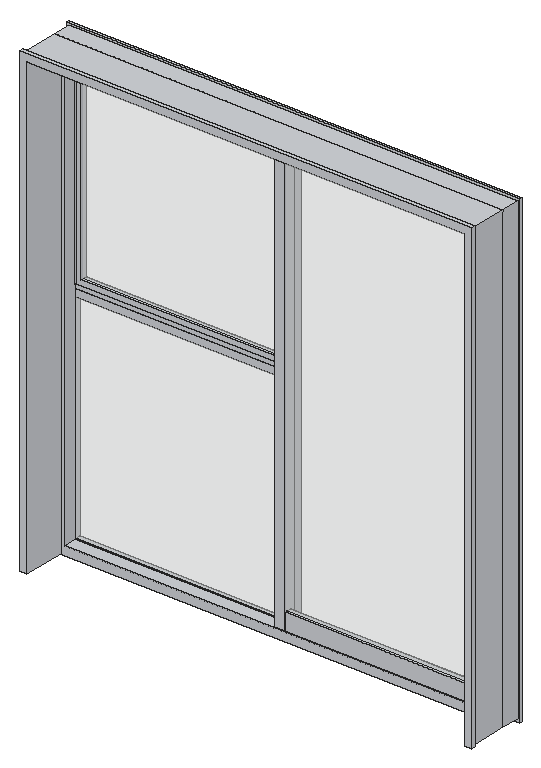
Revit family "APL Residential Thermal Heart Sliding Door SF with Sidelight", category Doors, host Wall, Revit 2017 (continued)
Definition of nested family "APL Residential Thermal Heart Sliding Door SF with Sidelight Vertical Section"
  Definition of nested family "Sill Fixed Sidelight"
    Definition of nested family "65380_Frame Sill"
      Lines and regions (mm)
        detail lines, in view "Ref. Level"
          curve 409: arc (110.5, 35.35, 0) -> (111, 35.85, 0) -> (111.5, 35.35, 0) r 0.5
          curve 410: arc (111.5, 34.5, 0) -> (111.559, 34.359, 0) -> (111.7, 34.3, 0) r 0.2
          curve 411: arc (113.3, 34.3, 0) -> (113.441, 34.359, 0) -> (113.5, 34.5, 0) r 0.2
          curve 412: line (113.3, 36.05, 0) -> (113.3, 40.25, 0)
          curve 413: line (113.5, 40.597, 0) -> (113.5, 41.8, 0)
          curve 414: line (113.3, 42, 0) -> (111.701, 42, 0)
          curve 415: line (111.5, 41.8, 0) -> (111.5, 40.95, 0)
          curve 416: line (110.5, 40.95, 0) -> (110.5, 42.5, 0)
          curve 417: line (111, 43, 0) -> (114.5, 43, 0)
          curve 418: line (115, 42.5, 0) -> (115, 21.5, 0)
          curve 419: line (114.5, 21, 0) -> (111.7, 21, 0)
          curve 420: line (111.5, 20.8, 0) -> (111.5, 13.2, 0)
          curve 421: line (109.293, 7.1, 0) -> (109.5, 7.1, 0)
          curve 422: line (111.5, 5.1, 0) -> (111.5, 1.5, 0)
          curve 423: line (111.5, 1.5, 0) -> (120.75, 1.5, 0)
          curve 424: line (120.745, 0, 0) -> (119, 0, 0)
          curve 425: line (119, 0, 0) -> (118.6, 0.4, 0)
          curve 426: line (118.6, 0.4, 0) -> (112.3, 0.4, 0)
          curve 427: line (112.3, 0.4, 0) -> (111.9, 0, 0)
          curve 428: line (111.9, 0, 0) -> (111.5, 0, 0)
          curve 429: line (110, 1.5, 0) -> (110, 5, 0)
          curve 430: line (109.8, 5.2, 0) -> (100.5, 5.2, 0)
          curve 431: line (100, 5.7, 0) -> (100, 6.2, 0)
          curve 432: line (100.5, 6.7, 0) -> (101.927, 6.7, 0)
          curve 433: line (100.048, 12.1, 0) -> (91.556, 12.1, 0)
          curve 434: line (89.2, 10.6, 0) -> (87.9, 10.6, 0)
          curve 435: line (86.9, 9.6, 0) -> (86.9, 0.5, 0)
          curve 436: line (86.4, 0, 0) -> (84.083, 0, 0)
          curve 437: line (83.313, -0.268, 0) -> (81.903, -0.782, 0)
          curve 438: line (81.501, -0.474, 0) -> (81.708, 1.892, 0)
          curve 439: line (81.795, 2.078, 0) -> (82.159, 2.442, 0)
          curve 440: line (82.493, 2.352, 0) -> (82.538, 2.185, 0)
          curve 441: line (82.679, 2.043, 0) -> (84.668, 1.51, 0)
          curve 442: line (85, 2.247, 0) -> (85, 5.475, 0)
          curve 443: line (85, 5.5, 0) -> (85.194, 6.25, 0)
          curve 444: line (85, 6.5, 0) -> (84.479, 6.5, 0)
          curve 445: line (84.323, 6.456, 0) -> (83.069, 5.691, 0)
          curve 446: line (82.5, 5.55, 0) -> (82.5, 7.126, 0)
          curve 447: line (82.5, 8.875, 0) -> (82.5, 10.45, 0)
          curve 448: line (83.069, 10.309, 0) -> (84.323, 9.544, 0)
          curve 449: line (84.479, 9.5, 0) -> (85, 9.5, 0)
          curve 450: line (85.194, 9.75, 0) -> (85, 10.5, 0)
          curve 451: line (85, 10.526, 0) -> (85, 13.753, 0)
          curve 452: line (84.668, 14.49, 0) -> (82.679, 13.957, 0)
          curve 453: line (82.538, 13.816, 0) -> (82.493, 13.648, 0)
          curve 454: line (82.159, 13.559, 0) -> (81.795, 13.923, 0)
          curve 455: line (81.708, 14.109, 0) -> (81.501, 16.474, 0)
          curve 456: line (81.903, 16.782, 0) -> (83.313, 16.269, 0)
          curve 457: line (84.083, 16, 0) -> (86.7, 16, 0)
          curve 458: line (86.9, 15.8, 0) -> (86.9, 12.7, 0)
          curve 459: line (87.1, 12.5, 0) -> (89.2, 12.5, 0)
          curve 460: line (89.4, 12.7, 0) -> (89.4, 13.8, 0)
          curve 461: line (89.6, 14, 0) -> (95.4, 14, 0)
          curve 462: line (95.4, 14, 0) -> (95.8, 13.6, 0)
          curve 463: line (95.8, 13.6, 0) -> (96.2, 14, 0)
          curve 464: line (96.2, 14, 0) -> (101.9, 14, 0)
          curve 465: line (102.1, 13.8, 0) -> (102.1, 12.9, 0)
          curve 466: line (102.3, 12.7, 0) -> (109.1, 12.7, 0)
          curve 467: line (109.6, 13.2, 0) -> (109.6, 14.5, 0)
          curve 468: line (109.4, 14.7, 0) -> (107.3, 14.7, 0)
          curve 469: line (107.1, 14.9, 0) -> (107.1, 15.8, 0)
          curve 470: line (107.3, 16, 0) -> (109.5, 16, 0)
          curve 471: line (110, 16.5, 0) -> (110, 22.8, 0)
          curve 472: line (110.5, 23.3, 0) -> (111.3, 23.3, 0)
          curve 473: line (111.5, 23.1, 0) -> (111.5, 22.3, 0)
          curve 474: line (111.5, 22.3, 0) -> (113.3, 22.3, 0)
          curve 475: line (113.5, 22.5, 0) -> (113.5, 27.4, 0)
          curve 476: line (113.5, 28.2, 0) -> (113.5, 33.1, 0)
          curve 477: line (113.3, 33.3, 0) -> (111.5, 33.3, 0)
          curve 478: line (111.5, 33.3, 0) -> (111.5, 32.7, 0)
          curve 479: line (110.5, 32.8, 0) -> (110.5, 35.35, 0)
          curve 480: line (111.5, 35.35, 0) -> (111.5, 34.5, 0)
          curve 481: line (111.7, 34.3, 0) -> (113.3, 34.3, 0)
          curve 482: line (113.5, 34.5, 0) -> (113.5, 35.704, 0)
          curve 483: arc (113.5, 35.704, 0) -> (113.473, 35.804, 0) -> (113.4, 35.877, 0) r 0.2
          curve 484: arc (12.7, 2.2, 0) -> (12.817, 1.917, 0) -> (13.1, 1.8, 0) r 0.4
          curve 485: arc (13.393, 1.8, 0) -> (13.496, 1.814, 0) -> (13.593, 1.854, 0) r 0.4
          curve 486: arc (15.121, 2.739, 0) -> (15.411, 2.859, 0) -> (15.722, 2.9, 0) r 1.2
          curve 487: arc (16.645, 2.9, 0) -> (17.218, 3.081, 0) -> (17.584, 3.558, 0) r 1
          curve 488: arc (18.377, 5.737, 0) -> (18.524, 5.928, 0) -> (18.753, 6, 0) r 0.4
          curve 489: arc (21.447, 6, 0) -> (21.676, 5.928, 0) -> (21.823, 5.737, 0) r 0.4
          curve 490: arc (22.616, 3.558, 0) -> (22.982, 3.081, 0) -> (23.555, 2.9, 0) r 1
          curve 491: arc (24.478, 2.9, 0) -> (24.789, 2.859, 0) -> (25.079, 2.739, 0) r 1.2
          curve 492: arc (26.607, 1.854, 0) -> (26.704, 1.814, 0) -> (26.807, 1.8, 0) r 0.4
          curve 493: arc (27.1, 1.8, 0) -> (27.383, 1.917, 0) -> (27.5, 2.2, 0) r 0.4
          curve 494: arc (27.5, 5.6, 0) -> (27.383, 5.883, 0) -> (27.1, 6, 0) r 0.4
          curve 495: arc (26.807, 6, 0) -> (26.704, 5.987, 0) -> (26.607, 5.946, 0) r 0.4
          curve 496: arc (25.079, 5.062, 0) -> (24.785, 4.94, 0) -> (24.47, 4.9, 0) r 1.2
          curve 497: arc (24.47, 4.9, 0) -> (24.295, 4.953, 0) -> (24.184, 5.098, 0) r 0.3
          curve 498: arc (23.296, 7.537, 0) -> (23.149, 7.728, 0) -> (22.92, 7.8, 0) r 0.4
          curve 499: arc (17.28, 7.8, 0) -> (17.051, 7.728, 0) -> (16.904, 7.537, 0) r 0.4
          curve 500: arc (16.016, 5.098, 0) -> (15.905, 4.953, 0) -> (15.73, 4.9, 0) r 0.3
          curve 501: arc (15.73, 4.9, 0) -> (15.415, 4.94, 0) -> (15.121, 5.062, 0) r 1.2
          curve 502: arc (13.593, 5.946, 0) -> (13.496, 5.987, 0) -> (13.393, 6, 0) r 0.4
          curve 503: arc (13.1, 6, 0) -> (12.817, 5.883, 0) -> (12.7, 5.6, 0) r 0.4
          curve 504: line (13.1, 1.8, 0) -> (13.393, 1.8, 0)
          curve 505: line (13.593, 1.854, 0) -> (15.121, 2.739, 0)
          curve 506: line (15.722, 2.9, 0) -> (16.645, 2.9, 0)
          curve 507: line (17.584, 3.558, 0) -> (18.377, 5.737, 0)
          curve 508: line (18.753, 6, 0) -> (21.447, 6, 0)
          curve 509: line (21.823, 5.737, 0) -> (22.616, 3.558, 0)
          curve 510: line (23.555, 2.9, 0) -> (24.478, 2.9, 0)
          curve 511: line (25.079, 2.739, 0) -> (26.607, 1.854, 0)
          curve 512: line (26.807, 1.8, 0) -> (27.1, 1.8, 0)
          curve 513: line (27.5, 2.2, 0) -> (27.5, 5.6, 0)
          curve 514: line (27.1, 6, 0) -> (26.807, 6, 0)
          curve 515: line (26.607, 5.946, 0) -> (25.079, 5.062, 0)
          curve 516: line (24.184, 5.098, 0) -> (23.296, 7.537, 0)
          curve 517: line (22.92, 7.8, 0) -> (17.28, 7.8, 0)
          curve 518: line (16.904, 7.537, 0) -> (16.016, 5.098, 0)
          curve 519: line (15.121, 5.062, 0) -> (13.593, 5.946, 0)
          curve 520: line (13.393, 6, 0) -> (13.1, 6, 0)
          curve 521: line (12.7, 5.6, 0) -> (12.7, 2.2, 0)
          curve 522: arc (12.7, 18.4, 0) -> (12.817, 18.117, 0) -> (13.1, 18, 0) r 0.4
          curve 523: arc (13.393, 18, 0) -> (13.496, 18.014, 0) -> (13.593, 18.054, 0) r 0.4
          curve 524: arc (15.121, 18.939, 0) -> (15.411, 19.059, 0) -> (15.722, 19.1, 0) r 1.2
          curve 525: arc (16.645, 19.1, 0) -> (17.218, 19.281, 0) -> (17.584, 19.758, 0) r 1
          curve 526: arc (18.377, 21.937, 0) -> (18.524, 22.128, 0) -> (18.753, 22.2, 0) r 0.4
          curve 527: arc (21.447, 22.2, 0) -> (21.676, 22.128, 0) -> (21.823, 21.937, 0) r 0.4
          curve 528: arc (22.616, 19.758, 0) -> (22.982, 19.281, 0) -> (23.555, 19.1, 0) r 1
          curve 529: arc (24.478, 19.1, 0) -> (24.789, 19.059, 0) -> (25.079, 18.939, 0) r 1.2
          curve 530: arc (26.607, 18.054, 0) -> (26.704, 18.014, 0) -> (26.807, 18, 0) r 0.4
          curve 531: arc (27.1, 18, 0) -> (27.383, 18.117, 0) -> (27.5, 18.4, 0) r 0.4
          curve 532: arc (27.5, 21.8, 0) -> (27.383, 22.083, 0) -> (27.1, 22.2, 0) r 0.4
          curve 533: arc (26.807, 22.2, 0) -> (26.704, 22.187, 0) -> (26.607, 22.146, 0) r 0.4
          curve 534: arc (25.079, 21.262, 0) -> (24.785, 21.14, 0) -> (24.47, 21.1, 0) r 1.2
          curve 535: arc (24.47, 21.1, 0) -> (24.295, 21.153, 0) -> (24.184, 21.298, 0) r 0.3
          curve 536: arc (23.296, 23.737, 0) -> (23.149, 23.928, 0) -> (22.92, 24, 0) r 0.4
          curve 537: arc (17.28, 24, 0) -> (17.051, 23.928, 0) -> (16.904, 23.737, 0) r 0.4
          curve 538: arc (16.016, 21.298, 0) -> (15.905, 21.153, 0) -> (15.73, 21.1, 0) r 0.3
          curve 539: arc (15.73, 21.1, 0) -> (15.415, 21.14, 0) -> (15.121, 21.262, 0) r 1.2
          curve 540: arc (13.593, 22.146, 0) -> (13.496, 22.187, 0) -> (13.393, 22.2, 0) r 0.4
          curve 541: arc (13.1, 22.2, 0) -> (12.817, 22.083, 0) -> (12.7, 21.8, 0) r 0.4
          curve 542: line (13.1, 18, 0) -> (13.393, 18, 0)
          curve 543: line (13.593, 18.054, 0) -> (15.121, 18.939, 0)
          curve 544: line (15.722, 19.1, 0) -> (16.645, 19.1, 0)
          curve 545: line (17.584, 19.758, 0) -> (18.377, 21.937, 0)
          curve 546: line (18.753, 22.2, 0) -> (21.447, 22.2, 0)
          curve 547: line (21.823, 21.937, 0) -> (22.616, 19.758, 0)
          curve 548: line (23.555, 19.1, 0) -> (24.478, 19.1, 0)
          curve 549: line (25.079, 18.939, 0) -> (26.607, 18.054, 0)
          curve 550: line (26.807, 18, 0) -> (27.1, 18, 0)
          curve 551: line (27.5, 18.4, 0) -> (27.5, 21.8, 0)
          curve 552: line (27.1, 22.2, 0) -> (26.807, 22.2, 0)
          curve 553: line (26.607, 22.146, 0) -> (25.079, 21.262, 0)
          curve 554: line (24.184, 21.298, 0) -> (23.296, 23.737, 0)
          curve 555: line (22.92, 24, 0) -> (17.28, 24, 0)
          curve 556: line (16.904, 23.737, 0) -> (16.016, 21.298, 0)
          curve 557: line (15.121, 21.262, 0) -> (13.593, 22.146, 0)
          curve 558: line (13.393, 22.2, 0) -> (13.1, 22.2, 0)
          curve 559: line (12.7, 21.8, 0) -> (12.7, 18.4, 0)
          curve 560: arc (70.2, 10.4, 0) -> (70.317, 10.117, 0) -> (70.6, 10, 0) r 0.4
          curve 561: arc (70.893, 10, 0) -> (70.996, 10.014, 0) -> (71.093, 10.054, 0) r 0.4
          curve 562: arc (72.621, 10.939, 0) -> (72.911, 11.059, 0) -> (73.222, 11.1, 0) r 1.2
          curve 563: arc (74.145, 11.1, 0) -> (74.718, 11.281, 0) -> (75.084, 11.758, 0) r 1
          curve 564: arc (75.877, 13.937, 0) -> (76.024, 14.128, 0) -> (76.253, 14.2, 0) r 0.4
          curve 565: arc (78.947, 14.2, 0) -> (79.176, 14.128, 0) -> (79.323, 13.937, 0) r 0.4
          curve 566: arc (80.116, 11.758, 0) -> (80.482, 11.281, 0) -> (81.055, 11.1, 0) r 1
          curve 567: arc (81.978, 11.1, 0) -> (82.289, 11.059, 0) -> (82.579, 10.939, 0) r 1.2
          curve 568: arc (84.107, 10.054, 0) -> (84.204, 10.014, 0) -> (84.307, 10, 0) r 0.4
          curve 569: arc (84.6, 10, 0) -> (84.883, 10.117, 0) -> (85, 10.4, 0) r 0.4
          curve 570: arc (85, 13.8, 0) -> (84.883, 14.083, 0) -> (84.6, 14.2, 0) r 0.4
          curve 571: arc (84.307, 14.2, 0) -> (84.204, 14.187, 0) -> (84.107, 14.146, 0) r 0.4
          curve 572: arc (82.579, 13.262, 0) -> (82.285, 13.14, 0) -> (81.97, 13.1, 0) r 1.2
          curve 573: arc (81.97, 13.1, 0) -> (81.795, 13.153, 0) -> (81.684, 13.298, 0) r 0.3
          curve 574: arc (80.796, 15.737, 0) -> (80.649, 15.928, 0) -> (80.42, 16, 0) r 0.4
          curve 575: arc (74.78, 16, 0) -> (74.551, 15.928, 0) -> (74.404, 15.737, 0) r 0.4
          curve 576: arc (73.516, 13.298, 0) -> (73.405, 13.153, 0) -> (73.23, 13.1, 0) r 0.3
          curve 577: arc (73.23, 13.1, 0) -> (72.915, 13.14, 0) -> (72.621, 13.262, 0) r 1.2
          curve 578: arc (71.093, 14.146, 0) -> (70.996, 14.187, 0) -> (70.893, 14.2, 0) r 0.4
          curve 579: arc (70.6, 14.2, 0) -> (70.317, 14.083, 0) -> (70.2, 13.8, 0) r 0.4
          curve 580: line (70.6, 10, 0) -> (70.893, 10, 0)
          curve 581: line (71.093, 10.054, 0) -> (72.621, 10.939, 0)
          curve 582: line (73.222, 11.1, 0) -> (74.145, 11.1, 0)
          curve 583: line (75.084, 11.758, 0) -> (75.877, 13.937, 0)
          curve 584: line (76.253, 14.2, 0) -> (78.947, 14.2, 0)
          curve 585: line (79.323, 13.937, 0) -> (80.116, 11.758, 0)
          curve 586: line (81.055, 11.1, 0) -> (81.978, 11.1, 0)
          curve 587: line (82.579, 10.939, 0) -> (84.107, 10.054, 0)
          curve 588: line (84.307, 10, 0) -> (84.6, 10, 0)
          curve 589: line (85, 10.4, 0) -> (85, 13.8, 0)
          curve 590: line (84.6, 14.2, 0) -> (84.307, 14.2, 0)
          curve 591: line (84.107, 14.146, 0) -> (82.579, 13.262, 0)
          curve 592: line (81.684, 13.298, 0) -> (80.796, 15.737, 0)
          curve 593: line (80.42, 16, 0) -> (74.78, 16, 0)
          curve 594: line (74.404, 15.737, 0) -> (73.516, 13.298, 0)
          curve 595: line (72.621, 13.262, 0) -> (71.093, 14.146, 0)
          curve 596: line (70.893, 14.2, 0) -> (70.6, 14.2, 0)
          curve 597: line (70.2, 13.8, 0) -> (70.2, 10.4, 0)
          curve 598: arc (70.2, 5.6, 0) -> (70.317, 5.883, 0) -> (70.6, 6, 0) r 0.4
          curve 599: arc (70.893, 6, 0) -> (70.996, 5.987, 0) -> (71.093, 5.946, 0) r 0.4
          curve 600: arc (72.621, 5.062, 0) -> (72.911, 4.941, 0) -> (73.222, 4.9, 0) r 1.2
          curve 601: arc (74.145, 4.9, 0) -> (74.718, 4.719, 0) -> (75.084, 4.242, 0) r 1
          curve 602: arc (75.877, 2.063, 0) -> (76.024, 1.873, 0) -> (76.253, 1.8, 0) r 0.4
          curve 603: arc (78.947, 1.8, 0) -> (79.176, 1.873, 0) -> (79.323, 2.063, 0) r 0.4
          curve 604: arc (80.116, 4.242, 0) -> (80.482, 4.719, 0) -> (81.055, 4.9, 0) r 1
          curve 605: arc (81.978, 4.9, 0) -> (82.289, 4.941, 0) -> (82.579, 5.062, 0) r 1.2
          curve 606: arc (84.107, 5.946, 0) -> (84.204, 5.987, 0) -> (84.307, 6, 0) r 0.4
          curve 607: arc (84.6, 6, 0) -> (84.883, 5.883, 0) -> (85, 5.6, 0) r 0.4
          curve 608: arc (85, 2.2, 0) -> (84.883, 1.917, 0) -> (84.6, 1.8, 0) r 0.4
          curve 609: arc (84.307, 1.8, 0) -> (84.204, 1.814, 0) -> (84.107, 1.854, 0) r 0.4
          curve 610: arc (82.579, 2.739, 0) -> (82.285, 2.86, 0) -> (81.97, 2.9, 0) r 1.2
          curve 611: arc (81.97, 2.9, 0) -> (81.795, 2.847, 0) -> (81.684, 2.703, 0) r 0.3
          curve 612: arc (80.796, 0.263, 0) -> (80.649, 0.073, 0) -> (80.42, 0, 0) r 0.4
          curve 613: arc (74.78, 0, 0) -> (74.551, 0.073, 0) -> (74.404, 0.263, 0) r 0.4
          curve 614: arc (73.516, 2.703, 0) -> (73.405, 2.847, 0) -> (73.23, 2.9, 0) r 0.3
          curve 615: arc (73.23, 2.9, 0) -> (72.915, 2.86, 0) -> (72.621, 2.739, 0) r 1.2
          curve 616: arc (71.093, 1.854, 0) -> (70.996, 1.814, 0) -> (70.893, 1.8, 0) r 0.4
          curve 617: arc (70.6, 1.8, 0) -> (70.317, 1.917, 0) -> (70.2, 2.2, 0) r 0.4
          curve 618: line (70.6, 6, 0) -> (70.893, 6, 0)
          curve 619: line (71.093, 5.946, 0) -> (72.621, 5.062, 0)
          curve 620: line (73.222, 4.9, 0) -> (74.145, 4.9, 0)
          curve 621: line (75.084, 4.242, 0) -> (75.877, 2.063, 0)
          curve 622: line (76.253, 1.8, 0) -> (78.947, 1.8, 0)
          curve 623: line (79.323, 2.063, 0) -> (80.116, 4.242, 0)
          curve 624: line (81.055, 4.9, 0) -> (81.978, 4.9, 0)
          curve 625: line (82.579, 5.062, 0) -> (84.107, 5.946, 0)
          curve 626: line (84.307, 6, 0) -> (84.6, 6, 0)
          curve 627: line (85, 5.6, 0) -> (85, 2.2, 0)
          curve 628: line (84.6, 1.8, 0) -> (84.307, 1.8, 0)
          curve 629: line (84.107, 1.854, 0) -> (82.579, 2.739, 0)
          curve 630: line (81.684, 2.703, 0) -> (80.796, 0.263, 0)
          curve 631: line (80.42, 0, 0) -> (74.78, 0, 0)
          curve 632: line (74.404, 0.263, 0) -> (73.516, 2.703, 0)
          curve 633: line (72.621, 2.739, 0) -> (71.093, 1.854, 0)
          curve 634: line (70.893, 1.8, 0) -> (70.6, 1.8, 0)
          curve 635: line (70.2, 2.2, 0) -> (70.2, 5.6, 0)
          curve 636: line (106.85, 34.861, 0) -> (112.6, 36.402, 0)
          curve 637: line (111.139, 36.01, 0) -> (106.85, 36.01, 0)
          curve 638: line (112.6, 36.85, 0) -> (106.85, 36.85, 0)
          curve 639: line (112.6, 37.69, 0) -> (106.85, 37.69, 0)
          curve 640: line (112.6, 38.61, 0) -> (106.85, 38.61, 0)
          curve 641: line (112.6, 39.45, 0) -> (106.85, 39.45, 0)
          curve 642: line (111.139, 40.29, 0) -> (106.85, 40.29, 0)
          curve 643: line (112.6, 39.899, 0) -> (106.85, 41.439, 0)
          curve 644: line (112.85, 34.7, 0) -> (112.85, 41.6, 0)
          curve 645: line (112.6, 41.6, 0) -> (112.6, 34.7, 0)
          curve 646: line (112.6, 34.7, 0) -> (113.1, 34.7, 0)
          curve 647: line (113.1, 34.7, 0) -> (113.1, 41.6, 0)
          curve 648: line (113.1, 41.6, 0) -> (112.6, 41.6, 0)
          curve 662: line (74.15, 34.861, 0) -> (68.4, 36.402, 0)
          curve 663: line (69.861, 36.01, 0) -> (74.15, 36.01, 0)
          curve 664: line (68.4, 36.85, 0) -> (74.15, 36.85, 0)
          curve 665: line (68.4, 37.69, 0) -> (74.15, 37.69, 0)
          curve 666: line (68.4, 38.61, 0) -> (74.15, 38.61, 0)
          curve 667: line (68.4, 39.45, 0) -> (74.15, 39.45, 0)
          curve 668: line (69.861, 40.29, 0) -> (74.15, 40.29, 0)
          curve 669: line (68.4, 39.899, 0) -> (74.15, 41.439, 0)
          curve 670: line (68.15, 34.7, 0) -> (68.15, 41.6, 0)
          curve 671: line (68.4, 41.6, 0) -> (68.4, 34.7, 0)
          curve 672: line (68.4, 34.7, 0) -> (67.9, 34.7, 0)
          curve 673: line (67.9, 34.7, 0) -> (67.9, 41.6, 0)
          curve 674: line (67.9, 41.6, 0) -> (68.4, 41.6, 0)
        detail lines, in view "Ref. Level", not visible
          curve 649: line (101.764, -41.439, 0) -> (107.514, -39.899, 0)
          curve 650: line (106.053, -40.29, 0) -> (101.764, -40.29, 0)
          curve 651: line (107.514, -39.45, 0) -> (101.764, -39.45, 0)
          curve 652: line (107.514, -38.61, 0) -> (101.764, -38.61, 0)
          curve 653: line (107.514, -37.69, 0) -> (101.764, -37.69, 0)
          curve 654: line (107.514, -36.85, 0) -> (101.764, -36.85, 0)
          curve 655: line (106.053, -36.01, 0) -> (101.764, -36.01, 0)
          curve 656: line (107.514, -36.401, 0) -> (101.764, -34.861, 0)
          curve 657: line (107.764, -41.6, 0) -> (107.764, -34.7, 0)
          curve 658: line (107.514, -34.7, 0) -> (107.514, -41.6, 0)
          curve 659: line (107.514, -41.6, 0) -> (108.014, -41.6, 0)
          curve 660: line (108.014, -41.6, 0) -> (108.014, -34.7, 0)
          curve 661: line (108.014, -34.7, 0) -> (107.514, -34.7, 0)
      Text (mm)
        text "65380" at (9.719, 46, 0), in view "Ref. Level"
  Definition of nested family "Glazing Bead"
    Parameters (values of type "Glazing Bead")
      Glass Lenght [instance] = 50 mm
    Reference planes
      plane 1 "Center (Front/Back)": y = 0
      plane 2: z = 0
      plane 3 "Center (Left/Right)": x = 0
      plane 4: y = -50
    Lines and regions (mm)
      Filled region 1, type "Solid Fill - Black", in view "Ref. Level"
        outline origin (0, 0, 0) x (1, 0, 0) y (0, 1, 0)
          loop
            line (4, 0) -> (4, -12) -> (20, -12) -> (20, 0) -> (4, 0)
      model lines, in view "Ref. Level"
        curve 1: line (4, -12, 0) -> (20, -12, 0)
        curve 2: line (0, -50, 0) -> (0, 0, 0)
        curve 3: line (0, 0, 0) -> (24, 0, 0)
        curve 4: line (24, 0, 0) -> (24, -50, 0)
        curve 5: line (20, 0, 0) -> (20, -50, 0)
        curve 6: line (4, 0, 0) -> (4, -50, 0)
      detail lines, in view "Ref. Level"
        curve 7: arc (-0.25, -4.9, 0) -> (0, -5.15, 0) -> (-0.25, -5.4, 0) r 0.25
        curve 8: arc (-0.25, -8.45, 0) -> (0, -8.7, 0) -> (-0.25, -8.95, 0) r 0.25
        curve 9: arc (-0.25, -9.619, 0) -> (0, -9.869, 0) -> (-0.25, -10.119, 0) r 0.25
        curve 10: arc (-0.25, -10.787, 0) -> (0, -11.037, 0) -> (-0.25, -11.287, 0) r 0.25
        curve 11: line (-0.25, -12.456, 0) -> (-1, -12.456, 0)
        curve 12: line (-1, -12.456, 0) -> (-1, -8.45, 0)
        curve 13: line (-1, -8.45, 0) -> (-2.2, -8.45, 0)
        curve 14: line (-2.2, -8.45, 0) -> (-2.2, -9.2, 0)
        curve 15: line (-2.2, -9.2, 0) -> (-2.8, -9.2, 0)
        curve 16: line (-2.8, -9.2, 0) -> (-2.8, -6.1, 0)
        curve 17: line (-2.8, -6.1, 0) -> (-2.2, -6.1, 0)
        curve 18: line (-2.2, -6.1, 0) -> (-2.2, -6.85, 0)
        curve 19: line (-2.2, -6.85, 0) -> (-1, -6.85, 0)
        curve 20: line (-1, -6.85, 0) -> (-1, -4.9, 0)
        curve 21: line (-1, -4.9, 0) -> (-0.25, -4.9, 0)
        curve 22: line (-0.25, -5.4, 0) -> (-0.25, -8.45, 0)
        curve 23: line (-0.25, -8.95, 0) -> (-0.25, -9.619, 0)
        curve 24: line (-0.25, -10.119, 0) -> (-0.25, -10.787, 0)
        curve 25: line (-0.25, -11.287, 0) -> (-0.25, -11.956, 0)
        curve 26: arc (-0.25, -11.956, 0) -> (0, -12.206, 0) -> (-0.25, -12.456, 0) r 0.25
      detail lines, in view "Ref. Level", not visible
        curve 27: arc (-0.25, -4.9, 0) -> (0, -5.15, 0) -> (-0.25, -5.4, 0) r 0.25
        curve 28: arc (-0.25, -8.45, 0) -> (0, -8.7, 0) -> (-0.25, -8.95, 0) r 0.25
        curve 29: arc (-0.25, -9.619, 0) -> (0, -9.869, 0) -> (-0.25, -10.119, 0) r 0.25
        curve 30: arc (-0.25, -10.787, 0) -> (0, -11.037, 0) -> (-0.25, -11.287, 0) r 0.25
        curve 31: line (-0.25, -12.456, 0) -> (-1, -12.456, 0)
        curve 32: line (-1, -12.456, 0) -> (-1, -8.45, 0)
        curve 33: line (-1, -8.45, 0) -> (-2.2, -8.45, 0)
        curve 34: line (-2.2, -8.45, 0) -> (-2.2, -9.2, 0)
        curve 35: line (-2.2, -9.2, 0) -> (-2.8, -9.2, 0)
        curve 36: line (-2.8, -9.2, 0) -> (-2.8, -6.1, 0)
        curve 37: line (-2.8, -6.1, 0) -> (-2.2, -6.1, 0)
        curve 38: line (-2.2, -6.1, 0) -> (-2.2, -6.85, 0)
        curve 39: line (-2.2, -6.85, 0) -> (-1, -6.85, 0)
        curve 40: line (-1, -6.85, 0) -> (-1, -4.9, 0)
        curve 41: line (-1, -4.9, 0) -> (-0.25, -4.9, 0)
        curve 42: line (-0.25, -5.4, 0) -> (-0.25, -8.45, 0)
        curve 43: line (-0.25, -8.95, 0) -> (-0.25, -9.619, 0)
        curve 44: line (-0.25, -10.119, 0) -> (-0.25, -10.787, 0)
        curve 45: line (-0.25, -11.287, 0) -> (-0.25, -11.956, 0)
        curve 46: arc (-0.25, -11.956, 0) -> (0, -12.206, 0) -> (-0.25, -12.456, 0) r 0.25
        curve 47: arc (62.983, -3.041, 0) -> (62.673, -2.901, 0) -> (62.511, -3.2, 0) r 0.25
        curve 48: arc (62.537, -13.088, 0) -> (62.7, -13.387, 0) -> (63.01, -13.247, 0) r 0.25
        curve 49: line (62.511, -3.2, 0) -> (63.505, -7.068, 0)
        curve 50: line (63.505, -7.068, 0) -> (62.502, -7.647, 0)
        curve 51: line (62.502, -7.647, 0) -> (62.502, -8.647, 0)
        curve 52: line (62.502, -8.647, 0) -> (63.527, -9.239, 0)
        curve 53: line (63.527, -9.239, 0) -> (62.537, -13.088, 0)
        curve 54: line (63.01, -13.247, 0) -> (64.734, -9.147, 0)
        curve 55: line (64.734, -9.147, 0) -> (66.002, -9.147, 0)
        curve 56: line (66.002, -9.147, 0) -> (66.002, -10.397, 0)
        curve 57: line (66.002, -10.397, 0) -> (67.002, -10.397, 0)
        curve 58: line (67.002, -10.397, 0) -> (67.002, -5.897, 0)
        curve 59: line (67.002, -5.897, 0) -> (66.002, -5.897, 0)
        curve 60: line (66.002, -5.897, 0) -> (66.002, -7.147, 0)
        curve 61: line (66.002, -7.147, 0) -> (64.71, -7.147, 0)
        curve 62: line (64.71, -7.147, 0) -> (62.983, -3.041, 0)
    Dimensions and locks
      "Glass Lenght": plane 1 "Center (Front/Back)" to plane 4
      aligned and locked: plane 4 to curve 2
      aligned and locked: plane 1 "Center (Front/Back)" to Filled region 1 sketch curve
      aligned and locked: Filled region 1 sketch curve to curve 6
      aligned and locked: Filled region 1 sketch curve to curve 1
      aligned and locked: Filled region 1 sketch curve to curve 5
    Automatic sketch dimensions
      plane 1 "Center (Front/Back)" to curve 2 = 0 mm
      curve 2 to plane 3 "Center (Left/Right)" = 0 mm
      curve 6 to plane 4 = 0 mm
      curve 5 to plane 4 = 0 mm
      curve 4 to plane 4 = 0 mm
      curve 5 to curve 3 = 4 mm
      plane 3 "Center (Left/Right)" to curve 1 = 4 mm
      curve 6 to curve 5 = 16 mm
      plane 1 "Center (Front/Back)" to curve 1 = 12 mm
    Nested families
      nested 1: "65015_Bead" at (-15.5, 6.328, 0), type "65015_Bead", in view "Ref. Level"
    Definition of nested family "65015_Bead"
      Reference planes
        plane 1 "Center (Front/Back)": y = 0
        plane 2: z = 0
        plane 3 "Center (Left/Right)": x = 0
      Lines and regions (mm)
        model lines, in view "Ref. Level"
          curve 1: arc (13.5, 12.78, 0) -> (13.558, 12.92, 0) -> (13.698, 12.978, 0) r 0.198
          curve 2: arc (14.302, 12.978, 0) -> (14.442, 12.918, 0) -> (14.5, 12.777, 0) r 0.201
          curve 3: arc (14.5, 10.175, 0) -> (14.442, 10.036, 0) -> (14.302, 9.978, 0) r 0.198
          curve 4: arc (13.698, 9.978, 0) -> (13.558, 10.036, 0) -> (13.5, 10.175, 0) r 0.198
          curve 5: arc (13.5, 11.027, 0) -> (13.442, 11.169, 0) -> (13.3, 11.228, 0) r 0.2
          curve 6: arc (12.7, 11.228, 0) -> (11.851, 11.579, 0) -> (11.5, 12.428, 0) r 1.2
          curve 7: arc (11.5, 13.628, 0) -> (11.377, 13.813, 0) -> (11.159, 13.769, 0) r 0.2
          curve 8: arc (1.546, 4.157, 0) -> (1.438, 3.995, 0) -> (1.4, 3.804, 0) r 0.5
          curve 9: arc (1.4, 1.817, 0) -> (1.467, 1.567, 0) -> (1.65, 1.384, 0) r 0.5
          curve 10: arc (10.675, -3.827, 0) -> (10.913, -4.714, 0) -> (10.025, -4.952, 0) r 0.65
          curve 11: arc (3.306, -1.073, 0) -> (2.928, -1.023, 0) -> (2.624, -1.254, 0) r 0.5
          curve 12: arc (2.587, -2.129, 0) -> (2.248, -2.45, 0) -> (1.791, -2.352, 0) r 0.5
          curve 13: arc (1.518, -2.123, 0) -> (1.466, -2.054, 0) -> (1.447, -1.97, 0) r 0.2
          curve 14: arc (1.447, -1.115, 0) -> (1.476, -1.011, 0) -> (1.555, -0.938, 0) r 0.2
          curve 15: arc (1.555, -0.938, 0) -> (1.717, -0.809, 0) -> (1.82, -0.63, 0) r 0.55
          curve 16: arc (1.82, -0.63, 0) -> (1.825, -0.452, 0) -> (1.729, -0.302, 0) r 0.3
          curve 17: arc (0.2, 0, 0) -> (0.059, 0.059, 0) -> (0, 0.2, 0) r 0.2
          curve 18: arc (0, 4.383, 0) -> (0.038, 4.575, 0) -> (0.146, 4.737, 0) r 0.5
          curve 19: arc (14.159, 18.749, 0) -> (14.377, 18.792, 0) -> (14.5, 18.608, 0) r 0.2
          curve 20: arc (14.5, 15.172, 0) -> (14.442, 15.034, 0) -> (14.303, 14.978, 0) r 0.194
          curve 21: arc (13.698, 14.978, 0) -> (13.559, 15.038, 0) -> (13.5, 15.177, 0) r 0.203
          curve 22: arc (13.5, 15.528, 0) -> (13.441, 15.669, 0) -> (13.3, 15.728, 0) r 0.201
          curve 23: arc (12.7, 15.728, 0) -> (12.559, 15.669, 0) -> (12.5, 15.528, 0) r 0.2
          curve 24: arc (12.5, 12.428, 0) -> (12.559, 12.286, 0) -> (12.7, 12.228, 0) r 0.2
          curve 25: line (13.5, 12.428, 0) -> (13.5, 12.78, 0)
          curve 26: line (13.698, 12.978, 0) -> (14.302, 12.978, 0)
          curve 27: line (14.5, 12.777, 0) -> (14.5, 10.175, 0)
          curve 28: line (14.302, 9.978, 0) -> (13.698, 9.978, 0)
          curve 29: line (13.5, 10.175, 0) -> (13.5, 11.027, 0)
          curve 30: line (13.3, 11.228, 0) -> (12.7, 11.228, 0)
          curve 31: line (11.5, 12.428, 0) -> (11.5, 13.628, 0)
          curve 32: line (11.159, 13.769, 0) -> (1.546, 4.157, 0)
          curve 33: line (1.4, 3.804, 0) -> (1.4, 1.817, 0)
          curve 34: line (1.65, 1.384, 0) -> (10.675, -3.827, 0)
          curve 35: line (10.025, -4.952, 0) -> (3.306, -1.073, 0)
          curve 36: line (2.597, -1.355, 0) -> (2.597, -2.065, 0)
          curve 37: line (1.791, -2.352, 0) -> (1.518, -2.123, 0)
          curve 38: line (1.518, -2.123, 0) -> (1.447, -1.115, 0)
          curve 39: line (1.729, -0.302, 0) -> (1.425, -0.047, 0)
          curve 40: line (1.425, -0.047, 0) -> (0.2, 0, 0)
          curve 41: line (0, 0.2, 0) -> (0, 4.383, 0)
          curve 42: line (0.146, 4.737, 0) -> (14.159, 18.749, 0)
          curve 43: line (14.5, 18.608, 0) -> (14.5, 15.172, 0)
          curve 44: line (14.303, 14.978, 0) -> (13.698, 14.978, 0)
          curve 45: line (13.5, 15.177, 0) -> (13.5, 15.528, 0)
          curve 46: line (13.3, 15.728, 0) -> (12.7, 15.728, 0)
          curve 47: line (12.5, 15.528, 0) -> (12.5, 12.428, 0)
          curve 48: line (12.7, 12.228, 0) -> (13.3, 12.228, 0)
          curve 49: arc (13.3, 12.228, 0) -> (13.441, 12.286, 0) -> (13.5, 12.428, 0) r 0.2
      Text (mm)
        text "65015" at (32.01, 10.207, 0), in view "Ref. Level"
Types (2, lengths in mm): name | Rough Width | Rough Height | Liner | Height | Width | Reveal Liner | Architrave
  Liner | 2416 | 2213 | 101.3 | 2200.5 | 2401 | yes | no
  Architrave | 2415 | 2500 | 106.7 | 2487.5 | 2400 | no | yes
